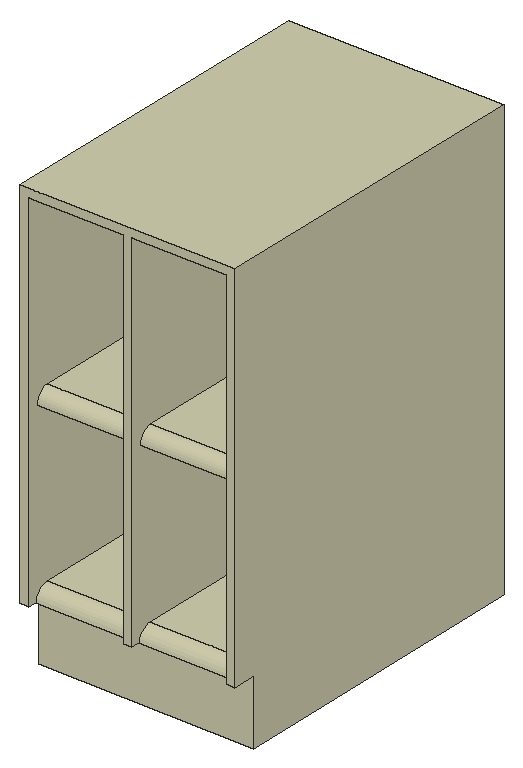
Revit family "Wenger Cabinet 60", category Furniture, Revit 2011
Parameters (values of type "Standard Cabinet #60")
  URL = "http://www.wengercorp.com/Home/Contact.html"
  Toekick Material [instance] = none
  RH End Panel [instance] = no
  Model = "60"
  Manufacturer = "Wenger Corporation"
  LH End Panel [instance] = no
  End Panel Material [instance] = none
  Edge Banding Material [instance] = none
  Door Material [instance] = none
  Description = "Standard Cabinet #60"
  Cabinet Width = 1' - 6 3/4"
  Cabinet Label = Labels : Standard
  Cabinet Height = 3' - 2 5/16"
  Cabinet Depth = 2' - 5 1/4"
  Cabinet Back Thickness = 0' - 0 3/4"
  Assembly Code = ""
Types (4): name | Model | Description | Cabinet Width | Cabinet Label | Cabinet Depth | Cabinet Back Thickness
  Standard Cabinet #60 | "60" | "Standard Cabinet #60" | 1' - 6 3/4" | Labels : Standard | 2' - 5 1/4" | 0' - 0 3/4"
  Acoustic Cabinet #60 | "60A" | "Acoustic Cabinet #60" | 1' - 6 3/4" | Labels : Acoustic | 2' - 7 3/4" | 0' - 3 1/4"
  Narrow Acoustic Cabinet #60 | "60NA" | "Narrow Acoustic Cabinet #60" | 1' - 2 3/4" | Labels : Narrow Acoustic | 2' - 7 3/4" | 0' - 3 1/4"
  Narrow Cabinet #60 | "60N" | "Narrow Cabinet #60" | 1' - 2 3/4" | Labels : Narrow | 2' - 5 1/4" | 0' - 0 3/4"
Reference planes (in)
  plane 1 "Front": y = 0
  plane 2: z = 0
  plane 3 "Left": x = 0
  plane 4 "Right": x = 18.75
  plane 5 "Back": y = 29.25
  plane 6 "Top": z = 38.3125
  plane 7: z = 5.625
  plane 8: z = 21.03125
  plane 9: x = 0.75
  plane 10: x = 18
  plane 11: z = 37.5625
  plane 12: x = 9
  plane 13: x = 9.75
  plane 14: y = 28.5
  plane 15: y = 2
  plane 16: y = 0.75
  plane 17: z = 22.15625
  plane 18: z = 6.75
Forms (in)
  Extrusion 1, solid, material "Wenger - Oyster"
    sketch origin (0, 0, 0) x (0, 1, 0) y (0, 0, 1)
      loop
        line (0, 38.3125) -> (0, 5.625) -> (2, 5.625) -> (2, 0) -> (29.25, 0) -> (29.25, 38.3125) -> (0, 38.3125)
    from 0 to 18.75
  Extrusion 2, void
    sketch origin (0, 0, 0) x (0, 1, 0) y (0, 0, 1)
      loop
        line (0, 37.5625) -> (0, 5.625) -> (0.73621, 5.625)
        arc (0.73621, 5.625) -> (1.15605, 6.42816) -> (2.00325, 6.75) r 1.276
        line (2.00325, 6.75) -> (28.5, 6.75) -> (28.5, 21.03125) -> (0.875, 21.03125)
        arc (0.875, 21.03125) -> (1.2045, 21.82675) -> (2, 22.15625) r 1.125
        line (2, 22.15625) -> (28.5, 22.15625) -> (28.5, 37.5625) -> (0, 37.5625)
    from 0.75 to 9
  Extrusion 3, void
    sketch origin (9, 0, 0) x (0, 1, 0) y (0, 0, 1)
      loop
        line (0, 37.5625) -> (0, 5.625) -> (0.73621, 5.625)
        arc (0.73621, 5.625) -> (1.15605, 6.42816) -> (2.00325, 6.75) r 1.276
        line (2.00325, 6.75) -> (28.5, 6.75) -> (28.5, 21.03125) -> (0.875, 21.03125)
        arc (0.875, 21.03125) -> (1.2045, 21.82675) -> (2, 22.15625) r 1.125
        line (2, 22.15625) -> (28.5, 22.15625) -> (28.5, 37.5625) -> (0, 37.5625)
    from 0.75 to 9
Cuts and joins
  Extrusion 2, Extrusion 3 cuts Extrusion 1
Lines and regions (in)
  symbolic lines
    curve 1: line (0, 29.25, 0) -> (18.75, 29.25, 0)
    curve 2: line (0, 0, 0) -> (0, 29.25, 0)
    curve 3: line (18.75, 0, 0) -> (0, 0, 0)
    curve 4: line (18.75, 29.25, 0) -> (18.75, 0, 0)
Dimensions and locks (in)
  locked: plane 3 "Left" to plane 9 at 0.75
  locked: plane 12 to plane 13 at 0.75
  locked: plane 10 to plane 4 "Right" at 0.75
  "Cabinet Back Thickness": plane 5 "Back" to plane 14
  locked: plane 1 "Front" to plane 16 at 0.75
  locked: plane 1 "Front" to plane 15 at 2
  locked: plane 17 to plane 8 at 1.125
  locked: plane 6 "Top" to plane 11 at 0.75
  locked: plane 18 to plane 7 at 1.125
  equal spacing: plane 10, plane 12, plane 3 "Left"
  "Cabinet Width": plane 3 "Left" to plane 4 "Right"
  locked: plane 7 to level at 5.625
  "Cabinet Height": plane 6 "Top" to level
  "Cabinet Depth": plane 1 "Front" to plane 5 "Back"
  plane 9 to plane 10 = 1' - 5 1/4"
  plane 11 to plane 7 = 2' - 7 15/16"
  equal spacing: plane 11, plane 17, plane 18
  aligned and locked: Extrusion 1 sketch curve to plane 6 "Top"
  aligned and locked: Extrusion 1 sketch curve to plane 5 "Back"
  aligned and locked: Extrusion 1 sketch curve to plane 1 "Front"
  aligned and locked: Extrusion 1 sketch curve to plane 7
  aligned and locked: Extrusion 1 sketch curve to plane 15
  aligned and locked: Extrusion 1 sketch curve to level
  aligned and locked: Extrusion 1 to plane 4 "Right"
  aligned and locked: Extrusion 1 to plane 3 "Left"
  aligned and locked: plane 3 "Left" to curve 2
  aligned and locked: curve 1 to plane 5 "Back"
  aligned and locked: plane 4 "Right" to curve 4
  aligned and locked: curve 3 to plane 1 "Front"
  aligned: Extrusion 2 to plane 10
  aligned and locked: Extrusion 2 to plane 9
  aligned and locked: plane 12 to Extrusion 2
  aligned and locked: Extrusion 2 to plane 17
  aligned and locked: Extrusion 3 to plane 13
  aligned and locked: Extrusion 3 to plane 10
Automatic sketch dimensions
  Extrusion 2 sketch curve to plane 1 "Front" = 0' - 0"
  plane 16 to Extrusion 2 sketch curve = 0' - 0.01379"
  Extrusion 2 sketch curve to plane 8 = 0' - 0"
  Extrusion 2 sketch curve to plane 15 = 0' - 0"
  Extrusion 2 sketch curve to plane 15 = 0' - 0.00325"
  Extrusion 2 sketch curve to plane 14 = 0' - 0"  (x2)
  Extrusion 2 sketch curve to plane 18 = 0' - 0"
  Extrusion 2 sketch curve to plane 17 = 0' - 0"
  Extrusion 2 sketch curve to plane 11 = 0' - 0"
  plane 7 to Extrusion 2 sketch curve = 0' - 0"
  Extrusion 3 sketch curve to plane 1 "Front" = 0' - 0"
  Extrusion 3 sketch curve to plane 7 = 0' - 0"
  Extrusion 3 sketch curve to plane 8 = 0' - 0"
  Extrusion 3 sketch curve to plane 15 = 0' - 0"
  Extrusion 3 sketch curve to plane 18 = 0' - 0"
  Extrusion 3 sketch curve to plane 14 = 0' - 0"  (x2)
  Extrusion 3 sketch curve to plane 17 = 0' - 0"
  Extrusion 3 sketch curve to plane 11 = 0' - 0"
  plane 16 to Extrusion 3 sketch curve = 0' - 0.01379"
  Extrusion 3 sketch curve to plane 15 = 0' - 0.00325"
Nested families (in)
  nested 1: "LH End Panel" at (0, 14.25, 0) x (0, -1, 0) z (0, 0, 1), End Panel Material <- "End Panel Material", visible <- "LH End Panel", Edge Banding Material <- "Edge Banding Material", type "20x84 LH"
    with End Panel Material none, Edge Banding Material none, End Panel Height 3' - 2 5/16", End Panel Depth 2' - 5 1/4"
  nested 2: "RH End Panel" at (19.5, 14.25, 0) x (0, -1, 0) z (0, 0, 1), End Panel Material <- "End Panel Material", visible <- "RH End Panel", Edge Banding Material <- "Edge Banding Material", type "20x84 RH"
    with End Panel Material none, Edge Banding Material none, End Panel Height 3' - 2 5/16", End Panel Depth 2' - 5 1/4"
  nested 3: "Labels" at (8.86572, 13.98211, 0) x (0, 1, 0) z (0, 0, 1), type <- "Cabinet Label", type "Standard"
  nested 4: "Front Note" at (8.53977, 0.75, 0), type "Front Note", detail levels medium+fine
Definition of nested family "LH End Panel"
  Parameters (values of type "20x84 LH")
    End Panel Material [instance] = none
    End Panel Height = 7' - 1 5/8"
    End Panel Depth = 1' - 7 1/4"
    Edge Banding Material [instance] = none
    Default Elevation = 4' - 0"
    Assembly Code = ""
  Reference planes (in)
    plane 1 "Center (Front/Back)": y = 0
    plane 2: z = 0
    plane 3 "Center (Left/Right)": x = 0
    plane 4: x = -15
    plane 5: x = 4.25
    plane 6: z = 5.625
    plane 7: x = 2.25
    plane 8: z = 85.625
    plane 9: y = -0.75
  Forms (in)
    Extrusion 1, solid, material <- "End Panel Material"
      sketch origin (0, 0, 0) x (1, 0, 0) y (0, 0, 1)
        loop
          line (-15, 85.625) -> (-15, 0) -> (2.25, 0) -> (2.25, 5.625) -> (4.25, 5.625) -> (4.25, 85.625) -> (-15, 85.625)
      from 0 to 0.75
  Dimensions and locks (in)
    locked: plane 7 to plane 5 at 2
    locked: plane 6 to level at 5.625
    "End Panel Height": plane 8 to level
    "End Panel Depth": plane 5 to plane 4
    locked: plane 9 to plane 1 "Center (Front/Back)" at 0.75
    aligned and locked: plane 4 to Extrusion 1 sketch curve
    aligned and locked: level to Extrusion 1 sketch curve
    aligned and locked: plane 7 to Extrusion 1 sketch curve
    aligned and locked: plane 6 to Extrusion 1 sketch curve
    aligned and locked: Extrusion 1 sketch curve to plane 5
    aligned and locked: Extrusion 1 sketch curve to plane 8
    aligned and locked: Extrusion 1 to plane 9
    aligned and locked: Extrusion 1 to plane 1 "Center (Front/Back)"
Definition of nested family "RH End Panel"
  Parameters (values of type "20x84 RH")
    End Panel Material [instance] = none
    End Panel Height = 7' - 1 5/8"
    End Panel Depth = 1' - 7 1/4"
    Edge Banding Material [instance] = none
    Default Elevation = 4' - 0"
    Assembly Code = ""
  Reference planes (in)
    plane 1 "Center (Front/Back)": y = 0
    plane 2: z = 0
    plane 3 "Center (Left/Right)": x = 0
    plane 4: x = -15
    plane 5: x = 4.25
    plane 6: z = 5.625
    plane 7: x = 2.25
    plane 8: z = 85.625
    plane 9: y = -0.75
  Forms (in)
    Extrusion 1, solid, material <- "End Panel Material"
      sketch origin (0, 0, 0) x (1, 0, 0) y (0, 0, 1)
        loop
          line (-15, 85.625) -> (-15, 0) -> (2.25, 0) -> (2.25, 5.625) -> (4.25, 5.625) -> (4.25, 85.625) -> (-15, 85.625)
      from 0 to 0.75
  Dimensions and locks (in)
    locked: plane 7 to plane 5 at 2
    locked: plane 6 to level at 5.625
    "End Panel Height": plane 8 to level
    "End Panel Depth": plane 5 to plane 4
    locked: plane 9 to plane 1 "Center (Front/Back)" at 0.75
    aligned and locked: plane 4 to Extrusion 1 sketch curve
    aligned and locked: level to Extrusion 1 sketch curve
    aligned and locked: plane 7 to Extrusion 1 sketch curve
    aligned and locked: plane 6 to Extrusion 1 sketch curve
    aligned and locked: Extrusion 1 sketch curve to plane 5
    aligned and locked: Extrusion 1 sketch curve to plane 8
    aligned and locked: Extrusion 1 to plane 9
    aligned and locked: Extrusion 1 to plane 1 "Center (Front/Back)"
Definition of nested family "Labels"
  Parameters (values of type "Standard")
    Cabinet Label = "01"
  Types (4): name | Cabinet Label
    Standard | "01"
    Narrow | "01N"
    Narrow Acoustic | "01NA"
    Acoustic | "01A"
  Reference planes (in)
    plane 1: y = 0
    plane 2: x = 0
  Text (in)
    label "xxxx" at (-0.00018, 0.00754, 0), shows "Cabinet Label"
Definition of nested family "Front Note"
  Parameters (values of type "Front Note")
    Cabinet Label = "Front"
  Reference planes (in)
    plane 1: y = 0
    plane 2: x = 0
  Text (in)
    label "Front" at (-0.00018, 0.00754, 0), shows "Cabinet Label"
